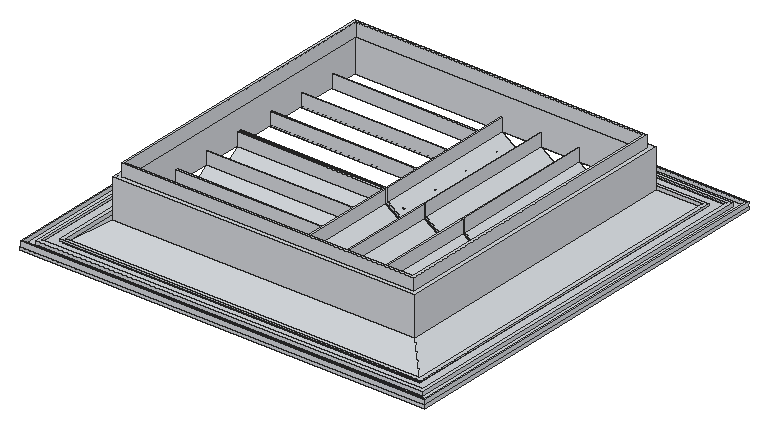
Revit family "QC-MS-3WAY-1", category Generic Models, Revit 2018
Family settings
  Can host rebar = No
  Round Connector Dimension = Use Diameter
  Part Type = Normal
  Work Plane-Based = No
  Always vertical = Yes
  Cut with Voids When Loaded = No
  Shared = No
  Room Calculation Point = No
Parameters (values of type "QS-MS-12X12-3WAY")
  Thickness = 0' - 0 7/128"  # constant formula
  RIGHT = 4
  NOMINAL DUCT WID = 1' - 0"
  NOMINAL DUCT HI = 1' - 0"
  Model = "QC-MS"
  Manufacturer = "ANEMOSTAT PRODUCTS"
  FRAMEGAP = 0' 0 1/4" / 2  # 0' - 0 1/8"
  FACEPLATE = 0' 3 3/4" / 2  # 0' - 1 7/8"
  F9 = 35.20°  # constant formula
  F8 = 0' - 0 49/256"  # constant formula
  F7 = 0' - 0 7/64"  # constant formula
  F6 = 0' - 0 51/256"  # constant formula
  F5 = 0' - 0 133/256"  # constant formula
  F4 = 0' - 1 15/32"  # constant formula
  F3 = 0' - 0 3/4"  # constant formula
  F2 = 0' - 1 9/128"  # constant formula
  F12 = 0' - 0 33/256"  # constant formula
  F11 = 0' - 0 9/32"  # constant formula
  F10 = 0' - 0 25/64"  # constant formula
  F1 = 0' - 1"  # constant formula
  Description = "STEEL MODULAR CORE DIFFUSER W/ LATTICE FACE PLATE"
  BLADE4WUP = QC-BLADE : QC-BLADE
  BLADE4WR = QC-BLADE : QC-BLADE
  BLADE4WLEFT = QC-BLADE : QC-BLADE
  BLADE4WDOWN = QC-BLADE : QC-BLADE
  BLADE4WAY = NOMINAL DUCT HI / 2.15  # 0' - 5.5814"
Types (11): name | RIGHT | NOMINAL DUCT WID | NOMINAL DUCT HI | BLADE4WAY
  (no name) | 4 | 1' - 0" | 1' - 0" | 0' - 5.5814"
  QS-MS-06X06-3WAY | 2 | 0' - 6" | 0' - 6" | 0' - 2.7907"
  QS-MS-08X08-3WAY | 3 | 0' - 8" | 0' - 8" | 0' - 3.72093"
  QS-MS-10X10-3WAY | 3 | 0' - 10" | 0' - 10" | 0' - 4.65116"
  QS-MS-12X12-3WAY | 4 | 1' - 0" | 1' - 0" | 0' - 5.5814"
  QS-MS-14X14-3WAY | 5 | 1' - 2" | 1' - 2" | 0' - 6.51163"
  QS-MS-16X16-3WAY | 6 | 1' - 4" | 1' - 4" | 0' - 7.44186"
  QS-MS-18X18-3WAY | 6 | 1' - 6" | 1' - 6" | 0' - 8.37209"
  QS-MS-20X20-3WAY | 7 | 1' - 8" | 1' - 8" | 0' - 9.30233"
  QS-MS-22X22-3WAY | 7 | 1' - 10" | 1' - 10" | 0' - 10.23256"
  QS-MS-24X24-3WAY | 8 | 2' - 0" | 2' - 0" | 0' - 11.16279"
Reference planes (in)
  plane 1 "Center (Front/Back)": y = 0
  plane 2: z = 0
  plane 3 "Center (Left/Right)": x = 0
  plane 4: x = -6
  plane 5: x = 6
  plane 6: z = 0.75
  plane 7: z = 2.21875
  plane 8: x = -7.07031
  plane 9: x = -8.07031
  plane 10: x = -5.875
  plane 11: x = 5.875
  plane 12: z = 2.73828
  plane 13: x = -5.67578
  plane 14: y = 6
  plane 15: y = -6
  plane 16: y = 5.875
  plane 17: y = -5.875
  plane 18: x = 0.05469
  plane 19: x = -0.05469
  plane 20: y = 0.05469
  plane 21: y = -0.05469
  plane 22: z = 1.46875
Forms (in)
  Extrusion 1, solid
    sketch origin (0, 0, 0) x (1, 0, 0) y (0, 1, 0)
      loop
        line (7.875, 7.875) -> (-7.875, 7.875) -> (-7.875, -7.875) -> (7.875, -7.875) -> (7.875, 7.875)
    from 0 to 0.10938
  Sweep 2, solid
    path in 3D
      loop
        line (-7.875, -7.875, 0.10937) -> (7.875, -7.875, 0.10937) -> (7.875, 7.875, 0.10937) -> (-7.875, 7.875, 0.10937) -> (-7.875, -7.875, 0.10937)
    profile origin (-7.875, 0, 0.10937) x (1, 0, 0) y (0, 0, 1)
      loop
        line (0, 0) -> (1.0078, 0) -> (2.05469, 0.7385) -> (2.05469, 2.20725) -> (2.25391, 2.20725) -> (2.25391, 2.72678) -> (2.19922, 2.72678) -> (2.19922, 2.26194) -> (2, 2.26194) -> (2, 0.76685) -> (0.98438, 0.0504) -> (0.98438, 0.19141) -> (0.85547, 0.19141) -> (0.85547, 0.12679) -> (0.92969, 0.12679) -> (0.92969, 0.05469) -> (0.39062, 0.05469) -> (0.39062, 0.12679) -> (0.46484, 0.12679) -> (0.46484, 0.19141) -> (0.33594, 0.19141) -> (0.33594, 0.05469) -> (0.05469, 0.05469) -> (0.05469, 0.19141) -> (0, 0.19141) -> (0, 0)
  Extrusion 3, void
    sketch origin (0, 0, 0) x (1, 0, 0) y (0, 1, 0)
      loop
        line (-7.01953, 7.01953) -> (-7.01953, -7.01953) -> (7.01953, -7.01953) -> (7.01953, 7.01953) -> (-7.01953, 7.01953)
    from 0 to 0.10938
Cuts and joins
  Extrusion 3 cuts Extrusion 1
  Extrusion 3 cuts Sweep 2
Lines and regions (in)
  sketch lines
    curve 1: line (-7.875, 7.875, 0.10937) -> (-7.875, -7.875, 0.10937)
    curve 2: line (-7.875, -7.875, 0.10937) -> (7.875, -7.875, 0.10937)
    curve 3: line (7.875, -7.875, 0.10937) -> (7.875, 7.875, 0.10937)
    curve 4: line (7.875, 7.875, 0.10937) -> (-7.875, 7.875, 0.10937)
Dimensions and locks (in)
  equal spacing: plane 5, plane 3 "Center (Left/Right)", plane 4
  "NOMINAL DUCT WID": plane 5 to plane 4
  "F3": plane 6 to level
  "F4": plane 7 to plane 6
  "F2": plane 4 to plane 8
  "F1": plane 8 to plane 9
  "FRAMEGAP": plane 10 to plane 4
  "FRAMEGAP": plane 5 to plane 11
  "F5": plane 12 to plane 7
  "F6": plane 13 to plane 10
  equal spacing: plane 14, plane 1 "Center (Front/Back)", plane 15
  "NOMINAL DUCT HI": plane 14 to plane 15
  plane 4 to plane 5 = 1' - 0"
  "FRAMEGAP": plane 14 to plane 16
  "FRAMEGAP": plane 17 to plane 15
  "FACEPLATE": plane 5 to Extrusion 1 sketch curve
  "FACEPLATE": Extrusion 1 sketch curve to plane 15
  "FACEPLATE": Extrusion 1 sketch curve to plane 4
  "FACEPLATE": Extrusion 1 sketch curve to plane 14
  "Thickness": Sweep 2 sketch curve to Sweep 2 sketch curve  (x7)
  "F5": Sweep 2 sketch curve to Sweep 2 sketch curve
  Sweep 2 sketch curve to Sweep 2 sketch curve = 0' - 1 15/32"
  Sweep 2 sketch curve to Extrusion 1 = 0' - 0.7385"
  Sweep 2 sketch curve to Sweep 2 sketch curve = 0' - 0 63/64"
  "F8": Sweep 2 sketch curve to Extrusion 1  (x3)
  "F4": Sweep 2 sketch curve to Sweep 2 sketch curve
  "F2": Sweep 2 sketch curve to Sweep 2 sketch curve
  "Thickness": Sweep 2 sketch curve to Extrusion 1
  "F10": Sweep 2 sketch curve to Sweep 2 sketch curve
  "F11": Sweep 2 sketch curve to Sweep 2 sketch curve
  "F12": Sweep 2 sketch curve to Sweep 2 sketch curve  (x2)
  "F6": Sweep 2 sketch curve to Sweep 2 sketch curve
  equal spacing: plane 19, plane 3 "Center (Left/Right)", plane 18
  equal spacing: plane 21, plane 1 "Center (Front/Back)", plane 20
  "F7": plane 19 to plane 18
  "F7": plane 20 to plane 21
  "F4": plane 22 to level
  equal spacing: group 1, group 2, group 9, group 10  (x3)
  equal spacing: group 3, group 4, group 11, group 12  (x3)
  equal spacing: group 5, group 6, group 13, group 14  (x3)
  equal spacing: group 7, group 8, group 15, group 16  (x2)
  equal spacing: group 16, group 15, group 8, group 7
  "F9": angle Extrusion 1 to Sweep 2 sketch curve  (x2)
  aligned and locked: plane 2 to level
  aligned and locked: Sweep 2 sketch curve to Extrusion 1  (x2)
  aligned and locked: Extrusion 3 sketch curve to cut or joined group of Sweep 2, Extrusion 3  (x4)
  aligned and locked: nested 4 to plane 22
  aligned and locked: nested 1 to plane 22
  aligned and locked: nested 2 to plane 18
  aligned and locked: nested 2 to plane 20
  aligned and locked: nested 3 to plane 19
  aligned and locked: nested 4 to plane 18
  aligned and locked: nested 4 to plane 21
  aligned and locked: nested 1 to plane 21
  aligned and locked: nested 1 to nested 3
  aligned and locked: nested 2 to plane 22
  aligned and locked: nested 5 to plane 22
  aligned and locked: nested 3 to plane 22
  aligned and locked: nested 6 to plane 21
  aligned and locked: nested 8 to nested 7
Automatic sketch dimensions
  profile plane to Sweep 2 sketch curve = 0' - 0 7/128"
  Sweep 2 sketch curve to Sweep 2 sketch curve = 0' - 0.06462"
  Sweep 2 sketch curve to Sweep 2 sketch curve = 0' - 0.0721"
Nested families (in)
  nested 1: "QC-BLADE" at (-5.63608, -0.05469, 0.19922) x (0, 1, 0) z (0, 0, 1), type <- "BLADE4WLEFT", type "QC-BLADE"
    with NOMINAL DUCT HI 0' - 11.86047", MIDBLADE 0' - 2.7907", BLADE4WAY 0' - 5.5814"
  nested 2: "QC-BLADE" at (0.05469, 0.05469, 0.19922) x (-1, 0, 0) z (0, 0, 1), type <- "BLADE4WR", type "QC-BLADE"
    with NOMINAL DUCT HI 0' - 11.86047", MIDBLADE 0' - 2.7907", BLADE4WAY 0' - 5.5814"
  nested 3: "QC-BLADE" at (-0.05469, 0.05469, 0.19922) x (0, -1, 0) z (0, 0, 1), type <- "BLADE4WUP", type "QC-BLADE"
    with NOMINAL DUCT HI 0' - 11.86047", MIDBLADE 0' - 2.7907", BLADE4WAY 0' - 5.5814"
  nested 4: "QC-BLADE" at (0.05469, -5.63608, 0.19922) x (-1, 0, 0) z (0, 0, 1), type <- "BLADE4WDOWN", type "QC-BLADE"
    with NOMINAL DUCT HI 0' - 11.86047", MIDBLADE 0' - 2.7907", BLADE4WAY 0' - 5.5814"
  nested 5: "QC-BLADE" at (1.55469, 0.05469, 0.19922) x (-1, 0, 0) z (0, 0, 1), type <- "BLADE4WR", type "QC-BLADE"
    with NOMINAL DUCT HI 0' - 11.86047", MIDBLADE 0' - 2.7907", BLADE4WAY 0' - 5.5814"
  nested 6: "QC-BLADE" at (1.55469, -5.63608, 0.19922) x (-1, 0, 0) z (0, 0, 1), type <- "BLADE4WDOWN", type "QC-BLADE"
    with NOMINAL DUCT HI 0' - 11.86047", MIDBLADE 0' - 2.7907", BLADE4WAY 0' - 5.5814"
  nested 7: "QC-BLADE" at (-0.05469, 1.55469, 0.19922) x (0, -1, 0) z (0, 0, 1), type <- "BLADE4WUP", type "QC-BLADE"
    with NOMINAL DUCT HI 0' - 11.86047", MIDBLADE 0' - 2.7907", BLADE4WAY 0' - 5.5814"
  nested 8: "QC-BLADE" at (-5.63608, -1.55469, 0.19922) x (0, 1, 0) z (0, 0, 1), type <- "BLADE4WLEFT", type "QC-BLADE"
    with NOMINAL DUCT HI 0' - 11.86047", MIDBLADE 0' - 2.7907", BLADE4WAY 0' - 5.5814"
  nested 9: "QC-BLADE" at (3.05469, 0.05469, 0.19922) x (-1, 0, 0) z (0, 0, 1), type <- "BLADE4WR", type "QC-BLADE"
    with NOMINAL DUCT HI 0' - 11.86047", MIDBLADE 0' - 2.7907", BLADE4WAY 0' - 5.5814"
  nested 10: "QC-BLADE" at (4.55469, 0.05469, 0.19922) x (-1, 0, 0) z (0, 0, 1), type <- "BLADE4WR", type "QC-BLADE"
    with NOMINAL DUCT HI 0' - 11.86047", MIDBLADE 0' - 2.7907", BLADE4WAY 0' - 5.5814"
  nested 11: "QC-BLADE" at (3.05469, -5.63608, 0.19922) x (-1, 0, 0) z (0, 0, 1), type <- "BLADE4WDOWN", type "QC-BLADE"
    with NOMINAL DUCT HI 0' - 11.86047", MIDBLADE 0' - 2.7907", BLADE4WAY 0' - 5.5814"
  nested 12: "QC-BLADE" at (4.55469, -5.63608, 0.19922) x (-1, 0, 0) z (0, 0, 1), type <- "BLADE4WDOWN", type "QC-BLADE"
    with NOMINAL DUCT HI 0' - 11.86047", MIDBLADE 0' - 2.7907", BLADE4WAY 0' - 5.5814"
  nested 13: "QC-BLADE" at (-0.05469, 3.05469, 0.19922) x (0, -1, 0) z (0, 0, 1), type <- "BLADE4WUP", type "QC-BLADE"
    with NOMINAL DUCT HI 0' - 11.86047", MIDBLADE 0' - 2.7907", BLADE4WAY 0' - 5.5814"
  nested 14: "QC-BLADE" at (-0.05469, 4.55469, 0.19922) x (0, -1, 0) z (0, 0, 1), type <- "BLADE4WUP", type "QC-BLADE"
    with NOMINAL DUCT HI 0' - 11.86047", MIDBLADE 0' - 2.7907", BLADE4WAY 0' - 5.5814"
  nested 15: "QC-BLADE" at (-5.63608, -3.05469, 0.19922) x (0, 1, 0) z (0, 0, 1), type <- "BLADE4WLEFT", type "QC-BLADE"
    with NOMINAL DUCT HI 0' - 11.86047", MIDBLADE 0' - 2.7907", BLADE4WAY 0' - 5.5814"
  nested 16: "QC-BLADE" at (-5.63608, -4.55469, 0.19922) x (0, 1, 0) z (0, 0, 1), type <- "BLADE4WLEFT", type "QC-BLADE"
    with NOMINAL DUCT HI 0' - 11.86047", MIDBLADE 0' - 2.7907", BLADE4WAY 0' - 5.5814"
Connectors (in)
  hvac at (0, 0, 2.37131), driven by "NOMINAL DUCT HI", driven by "NOMINAL DUCT WID"
    settings: on cut or joined group of Sweep 2, Extrusion 3, index 1, duct flow 0 CFM, flow factor 0, pres drop 0.00 in-wg, loss coef 0, conn angle 0.00°, conn width 12", conn height 12", conn diameter 24", duct sys type 1, conn prof type 1, flow config 0, flow direction 0, loss method 0, conn ref index -1, conn util no, is conn primary yes, conn desc ""
Definition of nested family "QC-BLADE"
  Parameters (values of type "QC-BLADE")
    Thickness = 0' - 0 7/128"  # constant formula
    NOMINAL DUCT WID = 0' - 6"
    NOMINAL DUCT HI = 0' - 6"
    Model = "QC-MS"
    Manufacturer = "ANEMOSTAT PRODUCTS"
    MIDBLADE = BLADE4WAY / 2  # 0' - 1.41176"
    FRAMEGAP = 0' 0 1/4" / 2  # 0' - 0 1/8"
    FACEPLATE = 0' 3 3/4" / 2  # 0' - 1 7/8"
    F9 = 35.20°  # constant formula
    F8 = 0' - 0 49/256"  # constant formula
    F7 = 0' - 0 7/64"  # constant formula
    F6 = 0' - 0 51/256"  # constant formula
    F5 = 0' - 0 133/256"  # constant formula
    F4 = 0' - 1 15/32"  # constant formula
    F3 = 0' - 0 3/4"  # constant formula
    F2 = 0' - 1 9/128"  # constant formula
    F12 = 0' - 0 33/256"  # constant formula
    F11 = 0' - 0 9/32"  # constant formula
    F10 = 0' - 0 25/64"  # constant formula
    F1 = 0' - 1"  # constant formula
    Description = "BLADE"
    BLADE4WAY = NOMINAL DUCT HI / 2.125  # 0' - 2.82353"
  Reference planes (in)
    plane 1 "Center (Front/Back)": y = 0
    plane 2: z = 0
    plane 3 "Center (Left/Right)": x = 0
    plane 4: x = -3
    plane 5: x = 3
    plane 6: z = 0.75
    plane 7: z = 2.21875
    plane 8: x = -4.07031
    plane 9: x = -5.07031
    plane 10: x = -2.875
    plane 11: x = 2.875
    plane 12: z = 2.73828
    plane 13: x = -2.67578
    plane 14: y = -3
    plane 15: y = -2.875
    plane 16: x = 0
    plane 17: y = -1.41176
  Forms (in)
    Extrusion 1, solid
      sketch origin (0, 0, 0) x (1, 0, 0) y (0, 0, 1)
        loop
          line (0.02734, 1.26953) -> (-0.02734, 1.26953) -> (-0.02734, 0.77835) -> (-1.06956, 0.04315) -> (-1.04297, -0.00502) -> (0.02734, 0.75) -> (0.02734, 1.26953)
      from 0 to 2.82353 <- "BLADE4WAY"
  Dimensions and locks (in)
    equal spacing: plane 5, plane 3 "Center (Left/Right)", plane 4
    "NOMINAL DUCT WID": plane 5 to plane 4
    "F3": plane 6 to level
    "F4": plane 7 to plane 6
    "F2": plane 4 to plane 8
    "F1": plane 8 to plane 9
    "FRAMEGAP": plane 10 to plane 4
    "FRAMEGAP": plane 5 to plane 11
    "F5": plane 12 to plane 7
    "F6": plane 13 to plane 10
    plane 1 "Center (Front/Back)" to plane 14 = 0' - 3"
    plane 4 to plane 5 = 0' - 6"
    "FRAMEGAP": plane 15 to plane 14
    "Thickness": Extrusion 1 sketch curve to Extrusion 1 sketch curve  (x2)
    "F5": Extrusion 1 sketch curve to Extrusion 1 sketch curve
    "F2": Extrusion 1 sketch curve to Extrusion 1 sketch curve
    locked: plane 16 to Extrusion 1 sketch curve at 0.02734
    "MIDBLADE": plane 17 to plane 1 "Center (Front/Back)"
    "F9": angle level to Extrusion 1 sketch curve  (x2)
    aligned and locked: plane 2 to level
    aligned and locked: plane 3 "Center (Left/Right)" to plane 16
  Automatic sketch dimensions
    Extrusion 1 sketch curve to plane 6 = 0' - 0"
    level to Extrusion 1 sketch curve = 0' - 0.04315"
